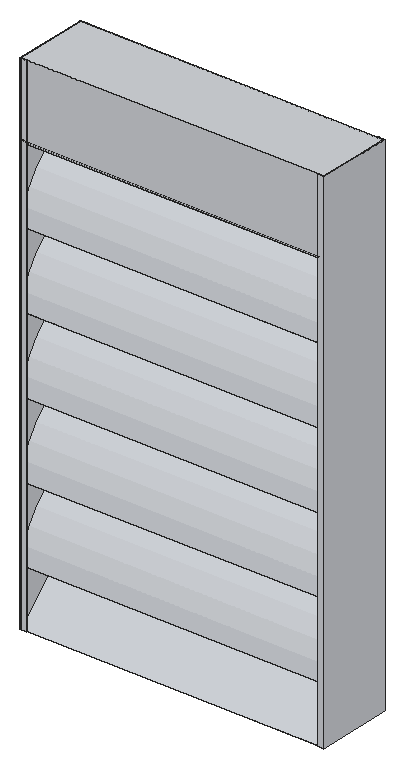
Revit family "AXF-12", category Mechanical Equipment, Revit 2015
Parameters
  URL = "http://unitedenertech.com/catalog/pdf/A_35%20AXF-12.pdf"
  Type Comments = "Max. Single Section Size is (48\"w x 120\"h)"
  Model = "AXF-12"
  Manufacturer = "United Enertech Corporation"
  Keynote = "Note: Sill Condition is not indicative of actual product. Sill height flexes to maintain constant spacing on built louvers. Consult Factory for correct specific size models."
  Exact Width = 4' - 0"
  Exact Height = 6' - 9"
  Description = "12\" Acoustical Louver"
  Blade Spacing = 1' - 0"
  Blade Number [instance] = rounddown((Exact Height - 1' 0") / Blade Spacing)  # 5
  BW [instance] = Exact Width - 0' 0 1/8"  # 3' - 11 7/8"
Reference planes (in)
  plane 1 "Center (Front/Back)": y = 0
  plane 2: z = 0
  plane 3 "Center (Left/Right)": x = 0
  plane 4: x = -24
  plane 5: x = 24
  plane 6: z = 81
  plane 7: x = -23.9522
  plane 8: x = 23.9522
  plane 9: z = 68.98842
Forms (in)
  Extrusion 1, solid
    sketch origin (18.47296, 88.37614, 0) x (0, 1, 0) y (-1, 0, 0)
      loop
        line (-88.37614, 41.47296) -> (-88.32834, 41.47296) -> (-88.32834, 42.42516) -> (-76.42394, 42.42516) -> (-76.42394, 41.47296) -> (-76.37614, 41.47296) -> (-76.37614, 42.47296) -> (-88.37614, 42.47296) -> (-88.37614, 41.47296)
    from 0 to 81
  Extrusion 2, solid
    sketch origin (-18.47296, 88.37614, 0) x (0, 1, 0) y (-1, 0, 0)
      loop
        line (-88.37614, -41.47296) -> (-88.37614, -42.47296) -> (-76.37614, -42.47296) -> (-76.37614, -41.47296) -> (-76.42394, -41.47296) -> (-76.42394, -42.42516) -> (-88.32834, -42.42516) -> (-88.32834, -41.47296) -> (-88.37614, -41.47296)
    from 0 to 81
  Extrusion 3, solid
    sketch origin (-88.37614, 88.37614, -15.28623) x (0, 1, 0) y (0, 0, 1)
      loop
        line (-76.42394, 16.28623) -> (-76.47174, 16.28623) -> (-76.47174, 15.33403) -> (-88.21294, 15.33403) -> (-76.47174, 27.07523) -> (-76.47174, 26.19063) -> (-76.42394, 26.19063) -> (-76.42394, 27.19063) -> (-88.32834, 15.28623) -> (-76.42394, 15.28623) -> (-76.42394, 16.28623)
    from 64.42394 to 112.32834
  Extrusion 4, solid, material "Steel, S 355"
    sketch origin (-88.37614, 88.37614, -15.28623) x (0, 1, 0) y (0, 0, 1)
      loop
        line (-76.50924, 26.99748) -> (-76.50924, 15.33403) -> (-76.47174, 15.33403) -> (-76.47174, 26.99748) -> (-76.50924, 26.99748)
    from 64.42394 to 112.32834
Dimensions and locks (in)
  equal spacing: plane 4, plane 3 "Center (Left/Right)", plane 5
  "Exact Width": plane 4 to plane 5
  "Exact Height": plane 6 to level
  locked: plane 4 to plane 7 at 0.0478
  locked: plane 8 to plane 5 at 0.0478
  locked: plane 6 to plane 9 at 12.01158
  equal spacing: group 1, group 2, group 3, group 4, group 5  (x2)
  equal spacing: group 5, group 4, group 3, group 2, group 1
  "Blade Spacing": nested 2 to nested 3
  aligned and locked: level to plane 2
  aligned and locked: plane 6 to Extrusion 2
  aligned and locked: plane 6 to Extrusion 1
  aligned and locked: Extrusion 2 to level
  aligned and locked: Extrusion 1 to level
  aligned and locked: plane 8 to Extrusion 3
  aligned and locked: plane 8 to Extrusion 4
  aligned and locked: Extrusion 3 to plane 7
  aligned and locked: Extrusion 4 to plane 7
  aligned and locked: Extrusion 2 to Extrusion 1
  aligned and locked: plane 3 "Center (Left/Right)" to nested 1
  aligned and locked: plane 6 to nested 1
  aligned and locked: plane 3 "Center (Left/Right)" to nested 2
  aligned and locked: plane 9 to nested 2
Automatic sketch dimensions
  plane 1 "Center (Front/Back)" to Extrusion 1 sketch curve = 0' - 0"
  Extrusion 1 sketch curve to plane 4 = 0' - 0"
  Extrusion 1 sketch curve to plane 1 "Center (Front/Back)" = 0' - 0.0478"
  Extrusion 1 sketch curve to plane 4 = 0' - 0.0478"
  Extrusion 1 sketch curve to Extrusion 1 sketch curve = 0' - 11.9044"
  Extrusion 1 sketch curve to Extrusion 1 sketch curve = 0' - 0.0478"
  Extrusion 1 sketch curve to Extrusion 1 sketch curve = 0' - 0.9522"  (x2)
  plane 1 "Center (Front/Back)" to Extrusion 2 sketch curve = 0' - 0"
  Extrusion 2 sketch curve to plane 5 = 0' - 0"
  plane 1 "Center (Front/Back)" to Extrusion 2 sketch curve = 0' - 0.0478"
  plane 5 to Extrusion 2 sketch curve = 0' - 0.0478"
  Extrusion 2 sketch curve to Extrusion 2 sketch curve = 0' - 11.9044"
  Extrusion 2 sketch curve to Extrusion 2 sketch curve = 0' - 0.0478"
  Extrusion 2 sketch curve to Extrusion 2 sketch curve = 0' - 0.9522"  (x2)
  Extrusion 3 sketch curve to level = 0' - 0"
  Extrusion 3 sketch curve to plane 1 "Center (Front/Back)" = 0' - 0.0478"
  Extrusion 3 sketch curve to Extrusion 3 sketch curve = 0' - 0.1154"  (x2)
  level to Extrusion 3 sketch curve = 0' - 1"
  Extrusion 3 sketch curve to Extrusion 3 sketch curve = 0' - 11.7412"
  Extrusion 3 sketch curve to Extrusion 3 sketch curve = 0' - 0"
  Extrusion 3 sketch curve to Extrusion 3 sketch curve = 0' - 0.0478"  (x3)
  level to Extrusion 3 sketch curve = 0' - 10.9044"
  Extrusion 3 sketch curve to Extrusion 3 sketch curve = 0' - 0.8846"
  level to Extrusion 4 sketch curve = 0' - 0.0478"
  Extrusion 4 sketch curve to plane 1 "Center (Front/Back)" = 0' - 11.8669"
  Extrusion 4 sketch curve to Extrusion 4 sketch curve = 0' - 0.0375"
  level to Extrusion 4 sketch curve = 0' - 11.71125"
Nested families (in)
  nested 1: "HEAD" at (0, 4.04994, 69.0478), type "HEAD"
    with Width 3' - 11 7/8"
  nested 2: "BLADE1" at (0, 3.73785, 57.04201), type "BLADE1"
    with Blade Width 3' - 11 7/8"
  nested 3: "BLADE1" at (0, 3.73785, 45.04201), type "BLADE1"
    with Blade Width 3' - 11 7/8"
  nested 4: "BLADE1" at (0, 3.73785, 33.04201), type "BLADE1"
    with Blade Width 3' - 11 7/8"
  nested 5: "BLADE1" at (0, 3.73785, 21.04201), type "BLADE1"
    with Blade Width 3' - 11 7/8"
  nested 6: "BLADE1" at (0, 3.73785, 9.04201), type "BLADE1"
    with Blade Width 3' - 11 7/8"
Definition of nested family "HEAD"
  Parameters (values of type "HEAD")
    Width = 4' - 4"
  Reference planes (in)
    plane 1 "Center (Front/Back)": y = 0
    plane 2: z = 0
    plane 3 "Center (Left/Right)": x = 0
    plane 4: x = -26
    plane 5: x = 26
  Forms (in)
    Extrusion 1, solid
      sketch origin (-7.24198, 3.19205, 4.04994) x (0, 1, 0) y (0, 0, 1)
        loop
          line (-7.14638, -3.88674) -> (-7.14638, 7.85446) -> (4.59482, 7.85446) -> (3.96931, 7.22896) -> (4.00311, 7.19516) -> (4.71022, 7.90226) -> (-7.19418, 7.90226) -> (-7.19418, -4.00214) -> (-6.48707, -3.29503) -> (-6.52087, -3.26123) -> (-7.14638, -3.88674)
      from -18.75802 to 33.24198
    Extrusion 2, solid
      sketch origin (-7.24198, 3.19205, 4.04994) x (0, 1, 0) y (0, 0, 1)
        loop
          line (-7.11258, -3.85294) -> (4.56102, 7.82066) -> (4.5345, 7.84718) -> (-7.1391, -3.82642) -> (-7.11258, -3.85294)
      from -18.75802 to 33.24198
  Dimensions and locks (in)
    equal spacing: plane 4, plane 3 "Center (Left/Right)", plane 5
    "Width": plane 4 to plane 5
    aligned and locked: level to plane 2
    aligned and locked: plane 5 to Extrusion 1
    aligned and locked: plane 5 to Extrusion 2
    aligned and locked: plane 4 to Extrusion 1
    aligned and locked: plane 4 to Extrusion 2
  Automatic sketch dimensions
    plane 1 "Center (Front/Back)" to Extrusion 1 sketch curve = 0' - 4.00214"
    level to Extrusion 1 sketch curve = 0' - 0.1632"
    Extrusion 1 sketch curve to Extrusion 1 sketch curve = 0' - 0.0478"
    level to Extrusion 1 sketch curve = 0' - 0.78871"
    Extrusion 1 sketch curve to Extrusion 1 sketch curve = 0' - 0.62551"  (x2)
    level to Extrusion 1 sketch curve = 0' - 0.75491"
    Extrusion 1 sketch curve to plane 1 "Center (Front/Back)" = 0' - 7.16136"
    Extrusion 1 sketch curve to Extrusion 1 sketch curve = 0' - 0.0338"  (x2)
    Extrusion 1 sketch curve to Extrusion 1 sketch curve = 0' - 0.1154"
    level to Extrusion 1 sketch curve = 0' - 11.24509"
    level to Extrusion 2 sketch curve = 0' - 0.22352"
    plane 1 "Center (Front/Back)" to Extrusion 2 sketch curve = 0' - 3.94705"
    level to Extrusion 2 sketch curve = 0' - 0.197"
    Extrusion 2 sketch curve to Extrusion 2 sketch curve = 0' - 0.02652"
    Extrusion 2 sketch curve to plane 1 "Center (Front/Back)" = 0' - 7 93/128"
Definition of nested family "BLADE1"
  Parameters (values of type "BLADE1")
    Blade Width = 5' - 2"
  Reference planes (in)
    plane 1 "Center (Front/Back)": y = 0
    plane 2: z = 0
    plane 3 "Center (Left/Right)": x = 0
    plane 4: x = -31
    plane 5: x = 31
  Forms (in)
    Extrusion 1, solid
      sketch origin (8.75929, -12.49625, 3.73696) x (0, 1, 0) y (0, 0, 1)
        loop
          line (9.7877, -3.52757) -> (9.78026, -3.48074) -> (8.86181, -3.62679)
          arc (8.86181, -3.62679) -> (12.67297, 4.32338) -> (20.6099, 8.16203) r 13.34503
          line (20.6099, 8.16203) -> (20.65531, 8.16203) -> (20.5145, 7.24778) -> (20.56136, 7.24056) -> (20.7106, 8.20945) -> (20.6072, 8.20945)
          arc (20.6072, 8.20945) -> (12.61842, 4.33577) -> (8.80798, -3.68337) r 13.39245
          line (8.80798, -3.68337) -> (9.7877, -3.52757)
      from -39.75929 to 22.24071
    Extrusion 2, solid
      sketch origin (8.75929, -12.49625, 3.73696) x (0, 1, 0) y (0, 0, 1)
        loop
          arc (20.59921, 8.1026) -> (16.81834, 0.2588) -> (8.99398, -3.56218) r 13.29304
          line (8.99398, -3.56218) -> (8.99846, -3.59911)
          arc (8.99846, -3.59911) -> (16.84471, 0.23256) -> (20.63616, 8.09832) r 13.33024
          line (20.63616, 8.09832) -> (20.59921, 8.1026)
      from -39.75929 to 22.24071
  Dimensions and locks (in)
    equal spacing: plane 4, plane 3 "Center (Left/Right)", plane 5
    "Blade Width": plane 4 to plane 5
    aligned and locked: level to plane 2
    aligned and locked: plane 4 to Extrusion 1
    aligned and locked: plane 4 to Extrusion 2
    aligned and locked: plane 5 to Extrusion 1
    aligned and locked: plane 5 to Extrusion 2
  Automatic sketch dimensions
    Extrusion 1 sketch curve to Extrusion 1 sketch curve = 0' - 0"  (x2)
    level to Extrusion 1 sketch curve = 0' - 0.05359"
    plane 1 "Center (Front/Back)" to Extrusion 1 sketch curve = 0' - 3.68827"
    level to Extrusion 1 sketch curve = 0' - 0.11017"
    Extrusion 1 sketch curve to Extrusion 1 sketch curve = 0' - 0.05383"
    level to Extrusion 1 sketch curve = 0' - 0.25621"
    Extrusion 1 sketch curve to Extrusion 1 sketch curve = 0' - 0.91844"
    Extrusion 1 sketch curve to plane 1 "Center (Front/Back)" = 0' - 8.01825"
    Extrusion 1 sketch curve to Extrusion 1 sketch curve = 0' - 0 3/64"
    Extrusion 1 sketch curve to Extrusion 1 sketch curve = 0' - 0.09271"
    Extrusion 1 sketch curve to Extrusion 1 sketch curve = 0' - 0.0027"
    Extrusion 1 sketch curve to Extrusion 1 sketch curve = 0' - 0.04541"
    Extrusion 1 sketch curve to Extrusion 1 sketch curve = 0' - 0.05528"
    Extrusion 1 sketch curve to level = 0' - 1.35968"
    Extrusion 1 sketch curve to plane 1 "Center (Front/Back)" = 0' - 9.62941"
    Extrusion 2 sketch curve to Extrusion 2 sketch curve = 0' - 0"  (x2)
    plane 1 "Center (Front/Back)" to Extrusion 2 sketch curve = 0' - 5.10154"
    level to Extrusion 2 sketch curve = 0' - 0.17478"
    plane 1 "Center (Front/Back)" to Extrusion 2 sketch curve = 0' - 3.50226"
    level to Extrusion 2 sketch curve = 0' - 0.13785"
    Extrusion 2 sketch curve to Extrusion 2 sketch curve = 0' - 0.00448"
    Extrusion 2 sketch curve to plane 1 "Center (Front/Back)" = 0' - 8.10296"
    Extrusion 2 sketch curve to Extrusion 2 sketch curve = 0' - 0.03695"
    level to Extrusion 2 sketch curve = 0' - 11.83528"
